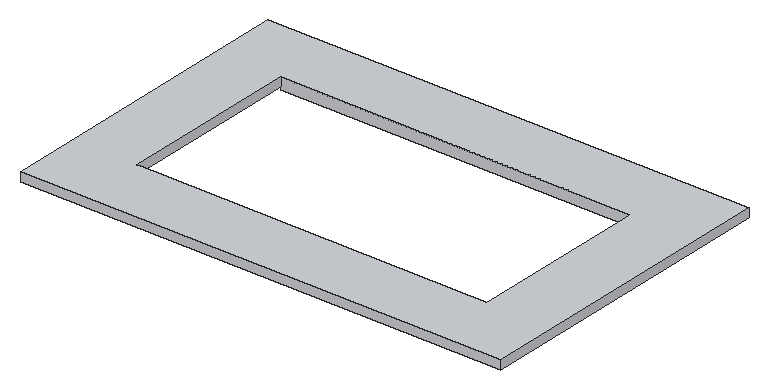
Revit family "P42SFPSB - LS42006-20", category Generic Models, host Face, Revit 2019
Family settings
  Host = Face
  Can host rebar = No
  Round Connector Dimension = Use Diameter
  Part Type = Normal
  Cut with Voids When Loaded = No
  Shared = No
  Room Calculation Point = No
Parameters
  Default Elevation = 48.00"
Reference planes (in)
  plane 1 "Center (Front/Back)": y = 0
  plane 2: z = 0
  plane 3 "Center (Left/Right)": x = 0
Forms (in)
  Extrusion 1, solid
    sketch origin (-18.5625, 20.90625, 0) x (1, 0, 0) y (0, 1, 0)
      loop
        line (45.639, -3.44625) -> (-8.514, -3.44625) -> (-8.514, -38.36625) -> (45.639, -38.36625) -> (45.639, -3.44625)
      loop
        line (-1.264, -10.76325) -> (-1.264, -31.04925) -> (38.289, -31.04925) -> (38.289, -10.76325) -> (-1.264, -10.76325)
    from 0 to 1
  Sweep 2, solid
    path origin (0, 1.973, 0) x (1, 0, 0) y (0, 1, 0)
      loop
        line (19.7265, -12.116) -> (-19.8265, -12.116)
    profile origin (-0.05, -10.143, 0) x (0, -1, 0) y (0, 0, 1)
      loop
        line (0, 1) -> (0, -0.307) -> (0.536, -0.307) -> (0.536, -0.267) -> (0.04, -0.267) -> (0.04, 1) -> (0, 1)
  Sweep 3, solid
    path origin (0, -1.973, 0) x (1, 0, 0) y (0, -1, 0)
      loop
        line (19.7265, -12.116) -> (-19.8265, -12.116)
    profile origin (-0.05, 10.143, 0) x (0, -1, 0) y (0, 0, 1)
      loop
        line (0, 1) -> (-0.04, 1) -> (-0.04, -0.267) -> (-0.536, -0.267) -> (-0.536, -0.307) -> (0, -0.307) -> (0, 1)
Cuts and joins
  joined: Extrusion 1, Sweep 2, Sweep 3
Dimensions and locks (in)
  aligned and locked: plane 2 to host face
  aligned and locked: level to host face
